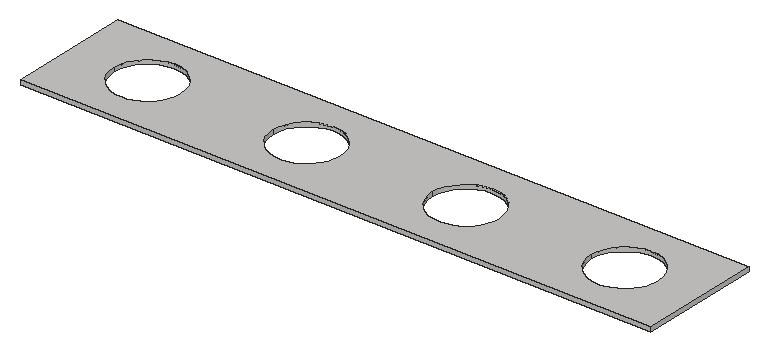
Revit family "004", category Generic Models, Revit 2012
Parameters (values of type "Standard")
  e-mail = "info@vola.com"
  URL = "http://vola.com"
  Telephone = "+45 7023 5500"
  Quality management standard = "ISO 9001"
  Organisation no. / DUNS no. = "17531328"
  Occupational health and safety management standard = "ISO 18001"
  Mounting Instructions = "http://vola.com/service/producturl.ashx?name=004"
  Model = "004"
  Materials and components information = "http://vola.com/service/producturl.ashx?name=004"
  Manufacturer = "VOLA A/S"
  Maintenance Instructions = "http://vola.com/service/producturl.ashx?name=004"
  Guarantee = "2 years"
  Environmental management standard = "ISO 14000"
  Connection - All relevant connections = ""
  Approvals = "http://vola.com/service/producturl.ashx?name=004"
Reference planes
  plane 1 "Center (Front/Back)": y = 0
  plane 2: z = 0
  plane 3 "Center (Left/Right)": x = 0
Forms (mm)
  Extrusion 1, solid, material "Stainless Steel"
    sketch origin (0, 0, 0) x (1, 0, 0) y (0, 1, 0)
      loop
        line (-154.5, 30) -> (-154.5, -30) -> (154.5, -30) -> (154.5, 30) -> (-154.5, 30)
      loop
        circle (-38.064, 0) r 16.5
      loop
        circle (-116.064, 0) r 16.5
      loop
        circle (117.936, 0) r 16.5
      loop
        circle (39.936, 0) r 16.5
    from 0 to 2
Dimensions and locks
  aligned and locked: plane 2 to level
